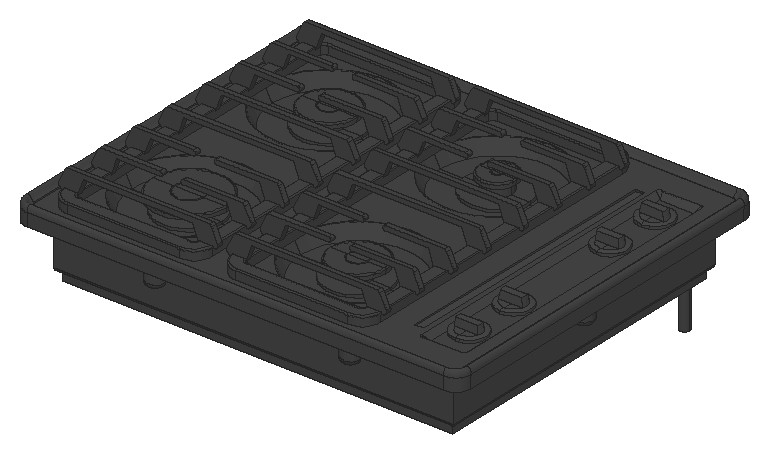
Revit family "QF_Summit_TTL033S_Cooktop", category Specialty Equipment, Revit 2020
Family settings
  Round Connector Dimension = Use Diameter
  Part Type = Normal
  Work Plane-Based = No
  Always vertical = Yes
  Cut with Voids When Loaded = No
  Shared = No
  Room Calculation Point = No
Parameters
  Weight in Pounds = 27
  Watts = 0 W
  Volts = 115 V
  URL Cutsheet = ""
  Specification by User = ""
  Specification by Manufacturer = ""
  Serial Number = ""
  Seismic Rating = ""
  SMACNA No = ""
  Revision Code = ""
  Plumbing Remarks = ""
  Plumbing Connection Type = ""
  Phase = 1
  Number of Poles = 1
  NAFEM Spec ID Number = ""
  Model = "TTL033S"
  Min Ckt Ampacity = 0 A
  Max Overcurrent Protection = 0 A
  Masterspec = ""
  Manufacturer = "Summit"
  Length = 24"
  Item Number = ""
  Installed By = ""
  Identify Quantity as Lot = yes
  Height = 4"
  HP = ""
  Gas Size = 0"
  Gas RI Height = 0"
  Gas KW = 0
  Gas Input = 12000.0 Btu/h
  Gas Connection Height = 0"
  Furnished By = ""
  Foodservice Equipment Identifier = yes
  FL Amps = 0 A
  Electrical Remarks = ""
  Elec Conn RI Height = 0"
  Elec Conn Connection Height = 0"
  Description = "Cooktop"
  Depth = 20"
  Default Elevation = 0"
  Cycle = 60 Hz
  Conn Plug = "3 Prong Cord"
  Conn Conduit = yes
  CSI MasterFormat = ""
  Apparent Power = 0 VA
Reference planes (in)
  plane 1 "BACK": y = 0
  plane 2: z = 0
  plane 3 "LEFT": x = 0
  plane 4 "RIGHT": x = 24
  plane 5 "FRONT": y = -20
  plane 6 "TOP": z = 4
  plane 7 "Center Y": x = 12
  plane 8 "Center X": y = -10
  plane 9: z = 3
  plane 10: z = 0.5
  plane 11: z = -2.5
Forms (in)
  Sweep 1, solid, material "QF_Metal_Black"
    path origin (0, 0, 3.99988) x (-1, 0, 0) y (0, -1, 0)
      loop
        line (-0.0625, 0.8125) -> (-0.0625, 19.1875)
        arc (-0.0625, 19.1875) -> (-0.28217, 19.71783) -> (-0.8125, 19.9375) r 0.75
        line (-0.8125, 19.9375) -> (-23.1875, 19.9375)
        arc (-23.1875, 19.9375) -> (-23.71783, 19.71783) -> (-23.9375, 19.1875) r 0.75
        line (-23.9375, 19.1875) -> (-23.9375, 0.8125)
        arc (-23.9375, 0.8125) -> (-23.71783, 0.28217) -> (-23.1875, 0.0625) r 0.75
        line (-23.1875, 0.0625) -> (-0.8125, 0.0625)
        arc (-0.8125, 0.0625) -> (-0.28217, 0.28217) -> (-0.0625, 0.8125) r 0.75
    profile origin (0.0625, -10, 3.99988) x (1, 0, 0) y (0, 0, 1)
      loop
        line (0.50007, -0.99988) -> (0.50007, -0.24988)
        spline (0.50007, -0.24988) -> (0.38683, -0.22526) -> (0.30986, -0.16677) -> (0.25459, -0.09746) -> (0.20654, -0.0403) -> (0.15715, -0.00897) -> (0.1083, -0.00102) -> (0.06291, -0.01235) -> (0.02367, -0.03905) -> (-0.00886, -0.07917) -> (-0.03532, -0.13183) -> (-0.05489, -0.20201) -> (-0.06266, -0.31115)
        line (-0.06266, -0.31115) -> (-0.06266, -0.99988) -> (0.50007, -0.99988)
  Extrusion 2, solid, material "QF_Metal_Black"
    sketch origin (23.1875, -0.5625, 3.49988) x (0, 1, 0) y (1, 0, 0)
      loop
        circle (-4.74127, -17.90956) r 3.49904
      loop
        line (-18.875, 0) -> (-18.875, -22.375)
        arc (-18.875, -22.375) -> (-18.80178, -22.55178) -> (-18.625, -22.625) r 0.25
        line (-18.625, -22.625) -> (-0.25, -22.625)
        arc (-0.25, -22.625) -> (-0.07322, -22.55178) -> (0, -22.375) r 0.25
        line (0, -22.375) -> (0, 0)
        arc (0, 0) -> (-0.07322, 0.17678) -> (-0.25, 0.25) r 0.25
        line (-0.25, 0.25) -> (-18.625, 0.25)
        arc (-18.625, 0.25) -> (-18.80178, 0.17678) -> (-18.875, 0) r 0.25
      loop
        circle (-4.74127, -8.85096) r 3.49904
      loop
        circle (-14.13373, -17.90956) r 3.49904
      loop
        circle (-14.13373, -8.85096) r 3.49904
    from 0.49988 to -0.25012
  Blend 3, void
    base sketch origin (23.18874, -0.56796, 3.79988) x (0, 1, 0) y (-1, 0, 0)
      loop
        arc (-1.25, 2.75) -> (-1.32322, 2.92678) -> (-1.5, 3) r 0.25
        line (-1.5, 3) -> (-17.375, 3)
        arc (-17.375, 3) -> (-17.55178, 2.92678) -> (-17.625, 2.75) r 0.25
        line (-17.625, 2.75) -> (-17.625, 0.5)
        arc (-17.625, 0.5) -> (-17.55178, 0.32322) -> (-17.375, 0.25) r 0.25
        line (-17.375, 0.25) -> (-1.5, 0.25)
        arc (-1.5, 0.25) -> (-1.32322, 0.32322) -> (-1.25, 0.5) r 0.25
        line (-1.25, 0.5) -> (-1.25, 2.75)
    top sketch origin (23.18874, -0.56796, 3.79988) x (0, 1, 0) y (-1, 0, 0)
      loop
        line (-1.71875, 2.53125) -> (-17.15625, 2.53125) -> (-17.15625, 0.71875) -> (-1.71875, 0.71875) -> (-1.71875, 2.53125)
    from 0.0625 to -0.31152
  Extrusion 4, void
    sketch origin (23.18874, -0.56796, 3.79988) x (0, 1, 0) y (-1, 0, 0)
      loop
        arc (-2, 3.5625) -> (-2.01831, 3.60669) -> (-2.0625, 3.625) r 0.0625
        line (-2.0625, 3.625) -> (-16.8125, 3.625)
        arc (-16.8125, 3.625) -> (-16.85669, 3.60669) -> (-16.875, 3.5625) r 0.0625
        line (-16.875, 3.5625) -> (-16.875, 3.1875)
        arc (-16.875, 3.1875) -> (-16.85669, 3.14331) -> (-16.8125, 3.125) r 0.0625
        line (-16.8125, 3.125) -> (-2.0625, 3.125)
        arc (-2.0625, 3.125) -> (-2.01831, 3.14331) -> (-2, 3.1875) r 0.0625
        line (-2, 3.1875) -> (-2, 3.5625)
    from 0.0625 to -0.125
  Revolve 5, solid, material "QF_Plastic_Black_Smooth"
    sketch origin (21.56528, -3, 0.48835) x (0, 1, 0) y (0, 0, 1)
      loop
        line (-0.75736, 3) -> (-0.50736, 3) -> (-0.50736, 3.07947) -> (0.15671, 3.07947) -> (0.15671, 3.2014)
        arc (0.15671, 3.2014) -> (0.03405, 3.23774) -> (-0.09329, 3.25) r 0.66737
        line (-0.09329, 3.25) -> (-0.75736, 3.25) -> (-0.75736, 3)
      axis (-0.75736, 3.25) -> (-0.75736, 3)
    angle from 0 to 360
  Blend 6, solid, material "QF_Plastic_Black_Smooth"
    base sketch origin (0, -3, 4.23835) x (-1, 0, 0) y (0, -1, 0)
      loop
        arc (-20.9318, 0.55812) -> (-20.90121, 0.75736) -> (-20.9318, 0.95659) r 0.66406
        line (-20.9318, 0.95659) -> (-22.19875, 0.95659)
        arc (-22.19875, 0.95659) -> (-22.22934, 0.75736) -> (-22.19875, 0.55812) r 0.66406
        line (-22.19875, 0.55812) -> (-20.9318, 0.55812)
    top sketch origin (0, -3, 4.23835) x (-1, 0, 0) y (0, -1, 0)
      loop
        arc (-20.98589, 0.57514) -> (-20.95791, 0.75736) -> (-20.98589, 0.93958) r 0.60736
        line (-20.98589, 0.93958) -> (-22.14466, 0.93958)
        arc (-22.14466, 0.93958) -> (-22.17264, 0.75736) -> (-22.14466, 0.57514) r 0.60736
        line (-22.14466, 0.57514) -> (-20.98589, 0.57514)
    from -0.5 to -0.05271
  Revolve 7, solid, material "QF_Plastic_Black_Smooth", not visible
    sketch origin (21.56528, -3, 0) x (0, 1, 0) y (0, 0, 1)
      loop
        line (-0.75736, 3) -> (-0.50736, 3) -> (-0.50736, 3.07947) -> (0.15671, 3.07947) -> (0.15671, 3.2014)
        arc (0.15671, 3.2014) -> (0.03405, 3.23774) -> (-0.09329, 3.25) r 0.66737
        line (-0.09329, 3.25) -> (-0.75736, 3.25) -> (-0.75736, 3)
      axis (-0.75736, 3.25) -> (-0.75736, 3)
    angle from 0 to 360
  Blend 8, solid, material "QF_Plastic_Black_Smooth", not visible
    base sketch origin (0, -3, 3.75) x (-1, 0, 0) y (0, -1, 0)
      loop
        arc (-20.9318, 0.55812) -> (-20.90121, 0.75736) -> (-20.9318, 0.95659) r 0.66406
        line (-20.9318, 0.95659) -> (-22.19875, 0.95659)
        arc (-22.19875, 0.95659) -> (-22.22934, 0.75736) -> (-22.19875, 0.55812) r 0.66406
        line (-22.19875, 0.55812) -> (-20.9318, 0.55812)
    top sketch origin (0, -3, 3.75) x (-1, 0, 0) y (0, -1, 0)
      loop
        arc (-20.98589, 0.57514) -> (-20.95791, 0.75736) -> (-20.98589, 0.93958) r 0.60736
        line (-20.98589, 0.93958) -> (-22.14466, 0.93958)
        arc (-22.14466, 0.93958) -> (-22.17264, 0.75736) -> (-22.14466, 0.57514) r 0.60736
        line (-22.14466, 0.57514) -> (-20.98589, 0.57514)
    from -0.5 to -0.05271
  Revolve 9, solid, material "QF_Plastic_Black_Smooth"
    sketch origin (21.56309, -3.00158, 0.48835) x (0, 1, 0) y (0, 0, 1)
      loop
        line (-3.75736, 3) -> (-3.50736, 3) -> (-3.50736, 3.07947) -> (-2.84329, 3.07947) -> (-2.84329, 3.2014)
        arc (-2.84329, 3.2014) -> (-2.96595, 3.23774) -> (-3.09329, 3.25) r 0.66737
        line (-3.09329, 3.25) -> (-3.75736, 3.25) -> (-3.75736, 3)
      axis (-3.75736, 3.25) -> (-3.75736, 3)
    angle from 0 to 360
  Blend 10, solid, material "QF_Plastic_Black_Smooth"
    base sketch origin (-0.00218, -3.00158, 4.23835) x (-1, 0, 0) y (0, -1, 0)
      loop
        arc (-20.9318, 3.55812) -> (-20.90121, 3.75736) -> (-20.9318, 3.95659) r 0.66406
        line (-20.9318, 3.95659) -> (-22.19875, 3.95659)
        arc (-22.19875, 3.95659) -> (-22.22934, 3.75736) -> (-22.19875, 3.55812) r 0.66406
        line (-22.19875, 3.55812) -> (-20.9318, 3.55812)
    top sketch origin (-0.00218, -3.00158, 4.23835) x (-1, 0, 0) y (0, -1, 0)
      loop
        arc (-20.98589, 3.57514) -> (-20.95791, 3.75736) -> (-20.98589, 3.93958) r 0.60736
        line (-20.98589, 3.93958) -> (-22.14466, 3.93958)
        arc (-22.14466, 3.93958) -> (-22.17264, 3.75736) -> (-22.14466, 3.57514) r 0.60736
        line (-22.14466, 3.57514) -> (-20.98589, 3.57514)
    from -0.5 to -0.05271
  Revolve 11, solid, material "QF_Plastic_Black_Smooth"
    sketch origin (21.56309, -6.00158, 0.48835) x (0, 1, 0) y (0, 0, 1)
      loop
        line (-10.24264, 3) -> (-10.24264, 3.25) -> (-10.90671, 3.25)
        arc (-10.90671, 3.25) -> (-11.03405, 3.23774) -> (-11.15671, 3.2014) r 0.66737
        line (-11.15671, 3.2014) -> (-11.15671, 3.07947) -> (-10.49264, 3.07947) -> (-10.49264, 3) -> (-10.24264, 3)
      axis (-10.24264, 3.25) -> (-10.24264, 3)
    angle from 0 to 360
  Blend 12, solid, material "QF_Plastic_Black_Smooth"
    base sketch origin (-0.00218, -6.00158, 4.23835) x (-1, 0, 0) y (0, -1, 0)
      loop
        line (-20.9318, 10.44188) -> (-22.19875, 10.44188)
        arc (-22.19875, 10.44188) -> (-22.22934, 10.24264) -> (-22.19875, 10.04341) r 0.66406
        line (-22.19875, 10.04341) -> (-20.9318, 10.04341)
        arc (-20.9318, 10.04341) -> (-20.90121, 10.24264) -> (-20.9318, 10.44188) r 0.66406
    top sketch origin (-0.00218, -6.00158, 4.23835) x (-1, 0, 0) y (0, -1, 0)
      loop
        line (-20.98589, 10.42486) -> (-22.14466, 10.42486)
        arc (-22.14466, 10.42486) -> (-22.17264, 10.24264) -> (-22.14466, 10.06042) r 0.60736
        line (-22.14466, 10.06042) -> (-20.98589, 10.06042)
        arc (-20.98589, 10.06042) -> (-20.95791, 10.24264) -> (-20.98589, 10.42486) r 0.60736
    from -0.5 to -0.05271
  Revolve 13, solid, material "QF_Plastic_Black_Smooth"
    sketch origin (21.56309, -3.00158, 0.48835) x (0, 1, 0) y (0, 0, 1)
      loop
        line (-10.24264, 3) -> (-10.24264, 3.25) -> (-10.90671, 3.25)
        arc (-10.90671, 3.25) -> (-11.03405, 3.23774) -> (-11.15671, 3.2014) r 0.66737
        line (-11.15671, 3.2014) -> (-11.15671, 3.07947) -> (-10.49264, 3.07947) -> (-10.49264, 3) -> (-10.24264, 3)
      axis (-10.24264, 3.25) -> (-10.24264, 3)
    angle from 0 to 360
  Blend 14, solid, material "QF_Plastic_Black_Smooth"
    base sketch origin (-0.00218, -3.00158, 4.23835) x (-1, 0, 0) y (0, -1, 0)
      loop
        line (-20.9318, 10.44188) -> (-22.19875, 10.44188)
        arc (-22.19875, 10.44188) -> (-22.22934, 10.24264) -> (-22.19875, 10.04341) r 0.66406
        line (-22.19875, 10.04341) -> (-20.9318, 10.04341)
        arc (-20.9318, 10.04341) -> (-20.90121, 10.24264) -> (-20.9318, 10.44188) r 0.66406
    top sketch origin (-0.00218, -3.00158, 4.23835) x (-1, 0, 0) y (0, -1, 0)
      loop
        line (-20.98589, 10.42486) -> (-22.14466, 10.42486)
        arc (-22.14466, 10.42486) -> (-22.17264, 10.24264) -> (-22.14466, 10.06042) r 0.60736
        line (-22.14466, 10.06042) -> (-20.98589, 10.06042)
        arc (-20.98589, 10.06042) -> (-20.95791, 10.24264) -> (-20.98589, 10.42486) r 0.60736
    from -0.5 to -0.05271
  Revolve 15, solid, material "QF_Plastic_Black_Smooth", not visible
    sketch origin (21.56528, -20.00316, 0) x (0, 1, 0) y (0, 0, 1)
      loop
        line (16.2458, 3) -> (16.4958, 3) -> (16.4958, 3.07947) -> (17.15986, 3.07947) -> (17.15986, 3.2014)
        arc (17.15986, 3.2014) -> (17.0372, 3.23774) -> (16.90986, 3.25) r 0.66737
        line (16.90986, 3.25) -> (16.2458, 3.25) -> (16.2458, 3)
      axis (16.2458, 3.25) -> (16.2458, 3)
    angle from 0 to 360
  Blend 16, solid, material "QF_Plastic_Black_Smooth", not visible
    base sketch origin (0, -20.00316, 3.75) x (-1, 0, 0) y (0, -1, 0)
      loop
        arc (-20.9318, -16.44503) -> (-20.90121, -16.2458) -> (-20.9318, -16.04657) r 0.66406
        line (-20.9318, -16.04657) -> (-22.19875, -16.04657)
        arc (-22.19875, -16.04657) -> (-22.22934, -16.2458) -> (-22.19875, -16.44503) r 0.66406
        line (-22.19875, -16.44503) -> (-20.9318, -16.44503)
    top sketch origin (0, -20.00316, 3.75) x (-1, 0, 0) y (0, -1, 0)
      loop
        arc (-20.98589, -16.42802) -> (-20.95791, -16.2458) -> (-20.98589, -16.06358) r 0.60736
        line (-20.98589, -16.06358) -> (-22.14466, -16.06358)
        arc (-22.14466, -16.06358) -> (-22.17264, -16.2458) -> (-22.14466, -16.42802) r 0.60736
        line (-22.14466, -16.42802) -> (-20.98589, -16.42802)
    from -0.5 to -0.05271
  Extrusion 17, solid, material "QF_Metal_Black"
    sketch origin (9.68847, 8.08075, 0) x (-1, 0, 0) y (0, 1, 0)
      loop
        circle (-12, -10) r 0.25
    from -0.5 to 2.5
  Sweep 18, solid, material "QF_Metal_Black"
    path origin (0, 0, 0) x (1, 0, 0) y (0, 1, 0)
      loop
        line (22.75, -1.25) -> (1.25, -1.25) -> (1.25, -18.75) -> (22.75, -18.75) -> (22.75, -1.25)
    profile origin (22.75, -10, 0) x (1, 0, 0) y (0, 0, 1)
      loop
        line (-0.25, 0) -> (-0.25, 0.5) -> (-0.13174, 0.5)
        arc (-0.13174, 0.5) -> (-0.03859, 0.53859) -> (0, 0.63174) r 0.13174
        line (0, 0.63174) -> (0, 3) -> (-0.125, 3) -> (-0.125, 0.625) -> (-0.375, 0.625) -> (-0.375, 0) -> (-0.25, 0)
  Extrusion 19, solid, material "QF_Metal_Black"
    sketch origin (22.375, -1.625, 0.625) x (0, -1, 0) y (1, 0, 0)
      loop
        line (0, -20.75) -> (16.75, -20.75) -> (16.75, 0) -> (0, 0) -> (0, -20.75)
    from 0 to -0.125
  Extrusion 20, solid, material "QF_Metal_Black"
    sketch origin (22.375, -1.625, 0.5) x (1, 0, 0) y (0, -1, 0)
      loop
        circle (-1.43653, 0.29425) r 0.25
    from 0 to 0.0625
  Revolve 21, solid, material "QF_Metal_Black"
    sketch origin (0, -5.30377, 0) x (1, 0, 0) y (0, 0, 1)
      loop
        line (5.27794, 3.69939) -> (5.27794, 3.94939) -> (4.77794, 3.94939) -> (4.77794, 3.88689) -> (4.71544, 3.88689) -> (4.71544, 3.94939) -> (3.84044, 3.94939)
        arc (3.84044, 3.94939) -> (3.79624, 3.93109) -> (3.77794, 3.88689) r 0.0625
        line (3.77794, 3.88689) -> (3.77794, 3.69939) -> (5.27794, 3.69939)
      axis (5.27794, 3.69939) -> (5.27794, 3.94939)
    angle from 0 to 360
  Revolve 22, solid, material "QF_Metal_Black"
    sketch origin (9.0586, -14.69623, 0) x (1, 0, 0) y (0, 0, 1)
      loop
        line (5.27794, 3.69939) -> (5.27794, 3.94939) -> (4.77794, 3.94939) -> (4.77794, 3.88689) -> (4.71544, 3.88689) -> (4.71544, 3.94939) -> (3.84044, 3.94939)
        arc (3.84044, 3.94939) -> (3.79624, 3.93109) -> (3.77794, 3.88689) r 0.0625
        line (3.77794, 3.88689) -> (3.77794, 3.69939) -> (5.27794, 3.69939)
      axis (5.27794, 3.69939) -> (5.27794, 3.94939)
    angle from 0 to 360
  Revolve 23, solid, material "QF_Metal_Black"
    sketch origin (0, -5.30377, 0) x (1, 0, 0) y (0, 0, 1)
      loop
        line (14.33654, 3.94939) -> (14.08654, 3.94939) -> (14.08654, 3.88689) -> (14.02404, 3.88689) -> (14.02404, 3.94939) -> (13.39904, 3.94939)
        arc (13.39904, 3.94939) -> (13.35484, 3.93109) -> (13.33654, 3.88689) r 0.0625
        line (13.33654, 3.88689) -> (13.33654, 3.69939) -> (14.33654, 3.69939) -> (14.33654, 3.94939)
      axis (14.33654, 3.69939) -> (14.33654, 3.94939)
    angle from 0 to 360
  Revolve 24, solid, material "QF_Metal_Black"
    sketch origin (0, -14.69623, 0) x (1, 0, 0) y (0, 0, 1)
      loop
        line (5.27794, 3.69939) -> (5.27794, 3.94939) -> (4.52794, 3.94939) -> (4.52794, 3.88689) -> (4.46544, 3.88689) -> (4.46544, 3.94939) -> (3.34044, 3.94939)
        arc (3.34044, 3.94939) -> (3.29624, 3.93109) -> (3.27794, 3.88689) r 0.0625
        line (3.27794, 3.88689) -> (3.27794, 3.69939) -> (5.27794, 3.69939)
      axis (5.27794, 3.69939) -> (5.27794, 3.94939)
    angle from 0 to 360
  Revolve 25, solid, material "QF_Metal_Black"
    sketch origin (0, -10, 0) x (1, 0, 0) y (0, 0, 1)
      loop
        line (1.25, 3) -> (0.75, 3) -> (0.75, 2)
        arc (0.75, 2) -> (0.8255, 1.83445) -> (1, 1.7829) r 0.21926
        line (1, 1.7829) -> (1.25, 1.7829) -> (1.25, 3)
      axis (1.25, 1.7829) -> (1.25, 3)
    angle from -90 to 90
  Revolve 26, solid, material "QF_Metal_Black"
    sketch origin (24, -10, 0) x (-1, 0, 0) y (0, 0, -1)
      loop
        line (1.25, -3) -> (1.25, -1.7829) -> (1, -1.7829)
        arc (1, -1.7829) -> (0.8255, -1.83445) -> (0.75, -2) r 0.21926
        line (0.75, -2) -> (0.75, -3) -> (1.25, -3)
      axis (1.25, -1.7829) -> (1.25, -3)
    angle from -90 to 90
  Revolve 27, solid, material "QF_Metal_Black"
    sketch origin (18.44698, -1.25, 0) x (-1, 0, 0) y (0, 0, -1)
      loop
        line (1.25, -3) -> (1.25, -1.7829) -> (1, -1.7829)
        arc (1, -1.7829) -> (0.8255, -1.83445) -> (0.75, -2) r 0.21926
        line (0.75, -2) -> (0.75, -3) -> (1.25, -3)
      axis (1.25, -1.7829) -> (1.25, -3)
    angle from 0 to 180
  Revolve 28, solid, material "QF_Metal_Black"
    sketch origin (7.94698, -1.25, 0) x (-1, 0, 0) y (0, 0, -1)
      loop
        line (1.25, -3) -> (1.25, -1.7829) -> (1, -1.7829)
        arc (1, -1.7829) -> (0.8255, -1.83445) -> (0.75, -2) r 0.21926
        line (0.75, -2) -> (0.75, -3) -> (1.25, -3)
      axis (1.25, -1.7829) -> (1.25, -3)
    angle from 0 to 180
  Revolve 29, solid, material "QF_Metal_Black"
    sketch origin (18.44698, -18.75, 0) x (-1, 0, 0) y (0, 0, 1)
      loop
        line (1.25, 3) -> (0.75, 3) -> (0.75, 2)
        arc (0.75, 2) -> (0.8255, 1.83445) -> (1, 1.7829) r 0.21926
        line (1, 1.7829) -> (1.25, 1.7829) -> (1.25, 3)
      axis (1.25, 1.7829) -> (1.25, 3)
    angle from 0 to 180
  Revolve 30, solid, material "QF_Metal_Black"
    sketch origin (7.94698, -18.75, 0) x (-1, 0, 0) y (0, 0, 1)
      loop
        line (1.25, 3) -> (0.75, 3) -> (0.75, 2)
        arc (0.75, 2) -> (0.8255, 1.83445) -> (1, 1.7829) r 0.21926
        line (1, 1.7829) -> (1.25, 1.7829) -> (1.25, 3)
      axis (1.25, 1.7829) -> (1.25, 3)
    angle from 0 to 180
Cuts and joins
  Blend 3, Extrusion 4 cuts Extrusion 2
Lines and regions (in)
  symbolic lines
    curve 1: arc (21.56528, -2.84329, 4.23835) -> (20.65121, -3.75736, 4.23835) -> (21.56528, -4.67142, 4.23835) r 0.91406
    curve 2: arc (21.56528, -4.67142, 4.23835) -> (22.47934, -3.75736, 4.23835) -> (21.56528, -2.84329, 4.23835) r 0.91406
    curve 3: line (20.9318, -3.55812, 4.23835) -> (22.19875, -3.55812, 4.23835)
    curve 4: line (22.19875, -3.95659, 4.23835) -> (20.9318, -3.95659, 4.23835)
    curve 5: arc (20.9318, -3.55812, 4.23835) -> (20.90121, -3.75736, 4.23835) -> (20.9318, -3.95659, 4.23835) r 0.66406
    curve 6: arc (22.19875, -3.95659, 4.23835) -> (22.22934, -3.75736, 4.23835) -> (22.19875, -3.55812, 4.23835) r 0.66406
    curve 13: arc (21.56309, -5.84487, 4.23835) -> (20.64903, -6.75893, 4.23835) -> (21.56309, -7.673, 4.23835) r 0.91406
    curve 14: arc (21.56309, -7.673, 4.23835) -> (22.47716, -6.75893, 4.23835) -> (21.56309, -5.84487, 4.23835) r 0.91406
    curve 15: line (20.92962, -6.5597, 4.23835) -> (22.19657, -6.5597, 4.23835)
    curve 16: line (22.19657, -6.95817, 4.23835) -> (20.92962, -6.95817, 4.23835)
    curve 17: arc (20.92962, -6.5597, 4.23835) -> (20.89903, -6.75893, 4.23835) -> (20.92962, -6.95817, 4.23835) r 0.66406
    curve 18: arc (22.19657, -6.95817, 4.23835) -> (22.22716, -6.75893, 4.23835) -> (22.19657, -6.5597, 4.23835) r 0.66406
    curve 19: arc (21.56309, -17.15828, 4.23835) -> (20.64903, -16.24422, 4.23835) -> (21.56309, -15.33016, 4.23835) r 0.91406
    curve 20: arc (21.56309, -15.33016, 4.23835) -> (22.47716, -16.24422, 4.23835) -> (21.56309, -17.15828, 4.23835) r 0.91406
    curve 21: line (20.92962, -16.44345, 4.23835) -> (22.19657, -16.44345, 4.23835)
    curve 22: line (22.19657, -16.04499, 4.23835) -> (20.92962, -16.04499, 4.23835)
    curve 23: arc (20.92962, -16.44345, 4.23835) -> (20.89903, -16.24422, 4.23835) -> (20.92962, -16.04499, 4.23835) r 0.66406
    curve 24: arc (22.19657, -16.04499, 4.23835) -> (22.22716, -16.24422, 4.23835) -> (22.19657, -16.44345, 4.23835) r 0.66406
    curve 25: arc (21.56309, -14.15828, 4.23835) -> (20.64903, -13.24422, 4.23835) -> (21.56309, -12.33016, 4.23835) r 0.91406
    curve 26: arc (21.56309, -12.33016, 4.23835) -> (22.47716, -13.24422, 4.23835) -> (21.56309, -14.15828, 4.23835) r 0.91406
    curve 27: line (20.92962, -13.44345, 4.23835) -> (22.19657, -13.44345, 4.23835)
    curve 28: line (22.19657, -13.04499, 4.23835) -> (20.92962, -13.04499, 4.23835)
    curve 29: arc (20.92962, -13.44345, 4.23835) -> (20.89903, -13.24422, 4.23835) -> (20.92962, -13.04499, 4.23835) r 0.66406
    curve 30: arc (22.19657, -13.04499, 4.23835) -> (22.22716, -13.24422, 4.23835) -> (22.19657, -13.44345, 4.23835) r 0.66406
    curve 37: line (0.5625, -0.8125, 0) -> (0.5625, -19.1875, 0)
    curve 38: line (23.1875, -0.5625, 0) -> (0.8125, -0.5625, 0)
    curve 39: arc (0.5625, -0.8125, 0) -> (0.63572, -0.63572, 0) -> (0.8125, -0.5625, 0) r 0.25
    curve 40: arc (23.1875, -0.5625, 0) -> (23.36428, -0.63572, 0) -> (23.4375, -0.8125, 0) r 0.25
    curve 41: line (23.4375, -19.1875, 0) -> (23.4375, -0.8125, 0)
    curve 42: line (22.46999, -2.28671, 0) -> (20.65749, -2.28671, 0)
    curve 43: line (20.65749, -2.28671, 0) -> (20.65749, -17.72421, 0)
    curve 44: line (20.65749, -17.72421, 0) -> (22.46999, -17.72421, 0)
    curve 45: line (22.46999, -17.72421, 0) -> (22.46999, -2.28671, 0)
    curve 46: line (20.50446, -1.9588, 0) -> (22.62302, -1.9588, 0)
    curve 47: arc (22.62302, -1.9588, 0) -> (22.74668, -2.01002, 0) -> (22.7979, -2.13368, 0) r 0.17489
    curve 48: line (22.7979, -2.13368, 0) -> (22.7979, -17.87723, 0)
    curve 49: arc (22.7979, -17.87723, 0) -> (22.74668, -18.0009, 0) -> (22.62302, -18.05212, 0) r 0.17489
    curve 50: line (22.62302, -18.05212, 0) -> (20.50446, -18.05212, 0)
    curve 51: arc (20.50446, -18.05212, 0) -> (20.3808, -18.0009, 0) -> (20.32958, -17.87723, 0) r 0.17489
    curve 52: line (20.32958, -17.87723, 0) -> (20.32958, -2.13368, 0)
    curve 53: arc (20.32958, -2.13368, 0) -> (20.3808, -2.01002, 0) -> (20.50446, -1.9588, 0) r 0.17489
    curve 54: line (19.56374, -17.38046, 0) -> (19.56374, -2.63046, 0)
    curve 55: arc (19.56374, -2.63046, 0) -> (19.58205, -2.58626, 0) -> (19.62624, -2.56796, 0) r 0.0625
    curve 56: line (19.62624, -2.56796, 0) -> (20.00124, -2.56796, 0)
    curve 57: arc (20.00124, -2.56796, 0) -> (20.04543, -2.58626, 0) -> (20.06374, -2.63046, 0) r 0.0625
    curve 58: line (20.06374, -2.63046, 0) -> (20.06374, -17.38046, 0)
    curve 59: arc (20.06374, -17.38046, 0) -> (20.04543, -17.42465, 0) -> (20.00124, -17.44296, 0) r 0.0625
    curve 60: line (20.00124, -17.44296, 0) -> (19.62624, -17.44296, 0)
    curve 61: arc (19.62624, -17.44296, 0) -> (19.58205, -17.42465, 0) -> (19.56374, -17.38046, 0) r 0.0625
    curve 62: line (0.8125, -19.4375, 0) -> (23.1875, -19.4375, 0)
    curve 63: arc (23.4375, -19.1875, 0) -> (23.36428, -19.36428, 0) -> (23.1875, -19.4375, 0) r 0.25
    curve 64: arc (0.8125, -19.4375, 0) -> (0.63572, -19.36428, 0) -> (0.5625, -19.1875, 0) r 0.25
    curve 65: line (-0.00016, -19.1875, 0) -> (-0.00016, -0.8125, 0)
    curve 66: arc (-0.00016, -0.8125, 0) -> (0.23786, -0.23786, 0) -> (0.8125, 0.00016, 0) r 0.81266
    curve 67: line (0.8125, 0.00016, 0) -> (23.1875, 0.00016, 0)
    curve 68: arc (23.1875, 0.00016, 0) -> (23.76214, -0.23786, 0) -> (24.00016, -0.8125, 0) r 0.81266
    curve 69: line (24.00016, -0.8125, 0) -> (24.00016, -19.1875, 0)
    curve 70: arc (24.00016, -19.1875, 0) -> (23.76214, -19.76214, 0) -> (23.1875, -20.00016, 0) r 0.81266
    curve 71: line (23.1875, -20.00016, 0) -> (0.8125, -20.00016, 0)
    curve 72: arc (0.8125, -20.00016, 0) -> (0.23786, -19.76214, 0) -> (-0.00016, -19.1875, 0) r 0.81266
    curve 73: arc (6.77794, -5.30377, 0) -> (6.66138, -5.8835, 0) -> (6.32982, -6.37314, 0) r 1.5
    curve 74: arc (3.77794, -5.30377, 0) -> (3.86331, -4.80495, 0) -> (4.1097, -4.3629, 0) r 1.5
    curve 75: arc (4.77794, -5.30377, 0) -> (5.27794, -4.80377, 0) -> (5.77794, -5.30377, 0) r 0.5
    curve 76: arc (5.77794, -5.30377, 0) -> (5.27794, -5.80377, 0) -> (4.77794, -5.30377, 0) r 0.5
    curve 77: arc (12.5875, -5.30377, 0) -> (12.65602, -4.81901, 0) -> (12.8562, -4.37224, 0) r 1.74904
    curve 78: arc (16.08557, -5.30377, 0) -> (15.99446, -5.86093, 0) -> (15.7306, -6.36005, 0) r 1.74904
    curve 79: arc (15.33654, -5.30377, 0) -> (14.33654, -6.30377, 0) -> (13.33654, -5.30377, 0) r 1
    curve 80: arc (13.33654, -5.30377, 0) -> (14.33654, -4.30377, 0) -> (15.33654, -5.30377, 0) r 1
    curve 81: arc (14.08654, -5.30377, 0) -> (14.33654, -5.05377, 0) -> (14.58654, -5.30377, 0) r 0.25
    curve 82: arc (14.58654, -5.30377, 0) -> (14.33654, -5.55377, 0) -> (14.08654, -5.30377, 0) r 0.25
    curve 83: arc (3.27794, -14.69623, 0) -> (3.35793, -14.13624, 0) -> (3.59152, -13.62105, 0) r 2
    curve 84: arc (7.27794, -14.69623, 0) -> (7.2165, -15.18811, 0) -> (7.03599, -15.64978, 0) r 2
    curve 85: arc (6.02794, -14.69623, 0) -> (5.27794, -15.44623, 0) -> (4.52794, -14.69623, 0) r 0.75
    curve 86: arc (4.52794, -14.69623, 0) -> (5.27794, -13.94623, 0) -> (6.02794, -14.69623, 0) r 0.75
    curve 87: arc (15.83654, -14.69623, 0) -> (15.75536, -15.183, 0) -> (15.5206, -15.61709, 0) r 1.5
    curve 88: arc (12.83654, -14.69623, 0) -> (12.95142, -14.12051, 0) -> (13.27847, -13.63298, 0) r 1.5
    curve 89: arc (13.83654, -14.69623, 0) -> (14.33654, -14.19623, 0) -> (14.83654, -14.69623, 0) r 0.5
    curve 90: arc (14.83654, -14.69623, 0) -> (14.33654, -15.19623, 0) -> (13.83654, -14.69623, 0) r 0.5
    curve 91: arc (6.44829, -4.36554, 0) -> (6.69313, -4.80654, 0) -> (6.77794, -5.30377, 0) r 1.5
    curve 92: arc (6.00005, -6.61851, 0) -> (5.30676, -6.80349, 0) -> (4.60688, -6.64529, 0) r 1.5
    curve 93: arc (4.34823, -4.12663, 0) -> (5.27744, -3.80377, 0) -> (6.20686, -4.12602, 0) r 1.5
    curve 94: arc (4.24744, -6.39376, 0) -> (3.9003, -5.89717, 0) -> (3.77794, -5.30377, 0) r 1.5
    curve 95: arc (13.05236, -4.11632, 0) -> (14.34458, -3.55475, 0) -> (15.63158, -4.12819, 0) r 1.74904
    curve 96: arc (15.82032, -4.37775, 0) -> (16.01795, -4.82214, 0) -> (16.08557, -5.30377, 0) r 1.74904
    curve 97: arc (15.48489, -6.62302, 0) -> (14.35976, -7.05265, 0) -> (13.22361, -6.65304, 0) r 1.74904
    curve 98: arc (12.96297, -6.38656, 0) -> (12.68403, -5.87679, 0) -> (12.5875, -5.30377, 0) r 1.74904
    curve 99: arc (15.38444, -13.62296, 0) -> (15.7189, -14.11393, 0) -> (15.83654, -14.69623, 0) r 1.5
    curve 100: arc (15.26831, -15.87172, 0) -> (14.34457, -16.1962, 0) -> (13.41741, -15.88164, 0) r 1.5
    curve 101: arc (13.17061, -15.63995, 0) -> (12.92252, -15.19678, 0) -> (12.83654, -14.69623, 0) r 1.5
    curve 102: arc (6.98346, -13.65162, 0) -> (7.20291, -14.15357, 0) -> (7.27794, -14.69623, 0) r 2
    curve 103: arc (6.89066, -15.87906, 0) -> (5.26987, -16.69621, 0) -> (3.65572, -15.86601, 0) r 2
    curve 104: arc (3.49635, -15.60505, 0) -> (3.33331, -15.16358, 0) -> (3.27794, -14.69623, 0) r 2
    curve 105: arc (3.80563, -13.3426, 0) -> (5.31089, -12.6965, 0) -> (6.79404, -13.39184, 0) r 2
    curve 106: arc (5.27794, -11.19719, 0) -> (3.34087, -11.78229, 0) -> (2.05163, -13.34191, 0) r 3.49904
    curve 107: arc (5.27794, -18.19526, 0) -> (5.59399, -18.18096, 0) -> (5.90746, -18.13817, 0) r 3.49904
    curve 108: arc (2.17718, -14.69623, 0) -> (2.22514, -14.15294, 0) -> (2.36756, -13.62646, 0) r 3.10076
    curve 109: arc (8.37869, -14.69623, 0) -> (8.34399, -15.15887, 0) -> (8.24064, -15.61115, 0) r 3.10076
    curve 110: arc (11.23578, -14.69623, 0) -> (11.28396, -14.15172, 0) -> (11.42702, -13.62413, 0) r 3.10076
    curve 111: arc (17.43729, -14.69623, 0) -> (17.40204, -15.16245, 0) -> (17.29709, -15.61807, 0) r 3.10076
    curve 112: arc (16.08557, -14.69623, 0) -> (16.01649, -15.18295, 0) -> (15.81469, -15.63122, 0) r 1.74904
    curve 113: arc (12.5875, -14.69623, 0) -> (12.68122, -14.13137, 0) -> (12.95235, -13.62704, 0) r 1.74904
    curve 114: arc (14.33654, -1.80473, 0) -> (14.03211, -1.818, 0) -> (13.73, -1.8577, 0) r 3.49904
    curve 115: arc (17.43729, -5.30377, 0) -> (17.38888, -5.8496, 0) -> (17.24513, -6.37838, 0) r 3.10076
    curve 116: arc (11.23578, -5.30377, 0) -> (11.27196, -4.83145, 0) -> (11.37967, -4.37015, 0) r 3.10076
    curve 117: arc (2.17718, -5.30377, 0) -> (2.21285, -4.83475, 0) -> (2.31907, -4.37652, 0) r 3.10076
    curve 118: arc (5.27794, -1.80473, 0) -> (4.93803, -1.82128, 0) -> (4.60134, -1.87077, 0) r 3.49904
    curve 119: arc (8.37869, -5.30377, 0) -> (8.32757, -5.86451, 0) -> (8.17588, -6.40676, 0) r 3.10076
    curve 120: arc (3.5289, -5.30377, 0) -> (3.59902, -4.8135, 0) -> (3.80375, -4.36254, 0) r 1.74904
    curve 121: arc (7.02697, -5.30377, 0) -> (6.93488, -5.86382, 0) -> (6.66831, -6.3649, 0) r 1.74904
    curve 122: arc (3.82427, -2.12098, 0) -> (2.70604, -2.9313, 0) -> (1.98841, -4.11116, 0) r 3.49904
    curve 123: arc (5.93047, -1.86612, 0) -> (5.60564, -1.82011, 0) -> (5.27794, -1.80473, 0) r 3.49904
    curve 124: arc (8.57049, -4.11957, 0) -> (7.86529, -2.94817, 0) -> (6.76501, -2.13646, 0) r 3.49904
    curve 125: arc (8.24134, -4.39111, 0) -> (8.34416, -4.8423, 0) -> (8.37869, -5.30377, 0) r 3.10076
    curve 126: arc (8.08523, -6.62052, 0) -> (5.27638, -8.40453, 0) -> (2.46932, -6.61769, 0) r 3.10076
    curve 127: arc (3.99761, -4.11217, 0) -> (5.2798, -3.55473, 0) -> (6.5608, -4.11491, 0) r 1.74904
    curve 128: arc (6.75932, -4.37391, 0) -> (6.95873, -4.81996, 0) -> (7.02697, -5.30377, 0) r 1.74904
    curve 129: arc (6.4133, -6.63421, 0) -> (5.29556, -7.05272, 0) -> (4.16961, -6.65682, 0) r 1.74904
    curve 130: arc (3.90112, -6.38243, 0) -> (3.62457, -5.87431, 0) -> (3.5289, -5.30377, 0) r 1.74904
    curve 131: arc (2.41441, -4.11426, 0) -> (5.28437, -2.20302, 0) -> (8.14637, -4.12615, 0) r 3.10076
    curve 132: arc (2.04204, -6.63503, 0) -> (2.90751, -7.87755, 0) -> (4.2169, -8.63806, 0) r 3.49904
    curve 133: arc (2.36155, -6.35706, 0) -> (2.22362, -5.83842, 0) -> (2.17718, -5.30377, 0) r 3.10076
    curve 134: arc (6.38919, -8.62166, 0) -> (7.6707, -7.8568, 0) -> (8.51692, -6.6275, 0) r 3.49904
    curve 135: arc (12.8899, -2.11778, 0) -> (11.75922, -2.93719, 0) -> (11.039, -4.13351, 0) r 3.49904
    curve 136: arc (14.98594, -1.86552, 0) -> (14.66266, -1.81996, 0) -> (14.33654, -1.80473, 0) r 3.49904
    curve 137: arc (17.62501, -4.10828, 0) -> (16.91317, -2.93644, 0) -> (15.80569, -2.12811, 0) r 3.49904
    curve 138: arc (17.29676, -4.38084, 0) -> (17.40196, -4.83698, 0) -> (17.43729, -5.30377, 0) r 3.10076
    curve 139: arc (11.47827, -4.10167, 0) -> (14.33572, -2.20301, 0) -> (17.19416, -4.10017, 0) r 3.10076
    curve 140: arc (11.10241, -6.63931, 0) -> (11.98253, -7.89257, 0) -> (13.31357, -8.64993, 0) r 3.49904
    curve 141: arc (17.14459, -6.61889, 0) -> (14.33712, -8.40453, 0) -> (11.52898, -6.61994, 0) r 3.10076
    curve 142: arc (11.42549, -6.37173, 0) -> (11.28358, -5.84611, 0) -> (11.23578, -5.30377, 0) r 3.10076
    curve 143: arc (15.4321, -8.62687, 0) -> (16.71229, -7.87263, 0) -> (17.56407, -6.65516, 0) r 3.49904
    curve 144: arc (13.23102, -11.37642, 0) -> (11.96228, -12.12598, 0) -> (11.11465, -13.33142, 0) r 3.49904
    curve 145: arc (17.56274, -13.34166, 0) -> (16.74465, -12.15767, 0) -> (15.51919, -11.40311, 0) r 3.49904
    curve 146: arc (17.24339, -13.61692, 0) -> (17.38843, -14.14793, 0) -> (17.43729, -14.69623, 0) r 3.10076
    curve 147: arc (17.19739, -15.89215, 0) -> (14.33204, -17.79698, 0) -> (11.47223, -15.88384, 0) r 3.10076
    curve 148: arc (11.38, -15.63089, 0) -> (11.27205, -15.16909, 0) -> (11.23578, -14.69623, 0) r 3.10076
    curve 149: arc (11.55318, -13.32962, 0) -> (14.35624, -11.59553, 0) -> (17.13704, -13.36511, 0) r 3.10076
    curve 150: arc (11.03871, -15.86566, 0) -> (11.76376, -17.06774, 0) -> (12.90292, -17.88809, 0) r 3.49904
    curve 151: arc (15.8035, -17.8729, 0) -> (16.8872, -17.09151, 0) -> (17.59903, -15.96089, 0) r 3.49904
    curve 152: arc (6.78733, -17.85297, 0) -> (7.85065, -17.06781, 0) -> (8.54684, -15.94423, 0) r 3.49904
    curve 153: arc (4.69103, -18.14569, 0) -> (4.98344, -18.18285, 0) -> (5.27794, -18.19526, 0) r 3.49904
    curve 154: arc (8.13822, -15.8935, 0) -> (5.27214, -17.79698, 0) -> (2.4132, -15.88281, 0) r 3.10076
    curve 155: arc (8.17474, -13.59023, 0) -> (8.32728, -14.1339, 0) -> (8.37869, -14.69623, 0) r 3.10076
    curve 156: arc (8.50017, -13.33225, 0) -> (7.21063, -11.77939, 0) -> (5.27794, -11.19719, 0) r 3.49904
    curve 157: arc (2.00679, -15.93836, 0) -> (2.73072, -17.09518, 0) -> (3.8421, -17.8871, 0) r 3.49904
    curve 158: arc (2.47364, -13.37311, 0) -> (5.27778, -11.59547, 0) -> (8.0821, -13.37283, 0) r 3.10076
    curve 159: arc (2.31178, -15.59991, 0) -> (2.21101, -15.15306, 0) -> (2.17718, -14.69623, 0) r 3.10076
    curve 160: arc (15.03423, -18.125, 0) -> (14.33654, -18.19526, 0) -> (13.63885, -18.125, 0) r 3.49904
    curve 161: arc (13.20598, -13.3617, 0) -> (14.3505, -12.94724, 0) -> (15.48826, -13.37992, 0) r 1.74904
    curve 162: arc (13.63365, -13.3711, 0) -> (14.3413, -13.19623, 0) -> (15.04782, -13.37559, 0) r 1.5
    curve 163: arc (15.7134, -13.61763, 0) -> (15.98991, -14.12572, 0) -> (16.08557, -14.69623, 0) r 1.74904
    curve 164: arc (12.84859, -15.61554, 0) -> (12.65404, -15.17406, 0) -> (12.5875, -14.69623, 0) r 1.74904
    curve 165: arc (15.62868, -15.875, 0) -> (14.33654, -16.44526, 0) -> (13.0444, -15.875, 0) r 1.74904
  symbolic lines, not visible
    curve 7: arc (21.56528, -2.84329, 3.75) -> (20.65121, -3.75736, 3.75) -> (21.56528, -4.67142, 3.75) r 0.91406
    curve 8: arc (21.56528, -4.67142, 3.75) -> (22.47934, -3.75736, 3.75) -> (21.56528, -2.84329, 3.75) r 0.91406
    curve 9: line (20.9318, -3.55812, 3.75) -> (22.19875, -3.55812, 3.75)
    curve 10: line (22.19875, -3.95659, 3.75) -> (20.9318, -3.95659, 3.75)
    curve 11: arc (20.9318, -3.55812, 3.75) -> (20.90121, -3.75736, 3.75) -> (20.9318, -3.95659, 3.75) r 0.66406
    curve 12: arc (22.19875, -3.95659, 3.75) -> (22.22934, -3.75736, 3.75) -> (22.19875, -3.55812, 3.75) r 0.66406
    curve 31: arc (21.56528, -2.84329, 3.75) -> (20.65121, -3.75736, 3.75) -> (21.56528, -4.67142, 3.75) r 0.91406
    curve 32: arc (21.56528, -4.67142, 3.75) -> (22.47934, -3.75736, 3.75) -> (21.56528, -2.84329, 3.75) r 0.91406
    curve 33: line (20.9318, -3.55812, 3.75) -> (22.19875, -3.55812, 3.75)
    curve 34: line (22.19875, -3.95659, 3.75) -> (20.9318, -3.95659, 3.75)
    curve 35: arc (20.9318, -3.55812, 3.75) -> (20.90121, -3.75736, 3.75) -> (20.9318, -3.95659, 3.75) r 0.66406
    curve 36: arc (22.19875, -3.95659, 3.75) -> (22.22934, -3.75736, 3.75) -> (22.19875, -3.55812, 3.75) r 0.66406
Dimensions and locks (in)
  equal spacing: plane 3 "LEFT", plane 7 "Center Y", plane 4 "RIGHT"
  "Length": plane 3 "LEFT" to plane 4 "RIGHT"
  equal spacing: plane 5 "FRONT", plane 8 "Center X", plane 1 "BACK"
  "Depth": plane 5 "FRONT" to plane 1 "BACK"
  "Height": plane 6 "TOP" to level
  plane 9 to level = 3"
  plane 9 to plane 10 = 2 1/2"
  plane 10 to plane 11 = 3"
  aligned and locked: level to plane 2
Automatic sketch dimensions
  Blend 6 sketch curve to Blend 6 sketch curve = 0.63347"  (x2)
  Blend 6 sketch curve to Blend 6 sketch curve = 51/256"
  Blend 6 sketch curve to Blend 6 sketch curve = 0"  (x10)
  Blend 6 sketch curve to Blend 6 sketch curve = 0.57938"  (x2)
  Blend 6 sketch curve to Blend 6 sketch curve = 0.18222"
  curve 4 to curve 1 = 0.63347"
  curve 3 to curve 1 = 51/256"
  curve 2 to curve 5 = 183/256"
  curve 3 to curve 4 = 0"
  curve 2 to curve 3 = 0.63347"
  curve 2 to curve 5 = 0"  (x4)
  curve 2 to curve 6 = 0"  (x3)
  curve 5 to curve 6 = 0"  (x3)
  curve 1 to curve 2 = 0"  (x2)
  curve 1 to curve 5 = 0"  (x2)
  curve 1 to curve 6 = 0"  (x2)
  Blend 8 sketch curve to Blend 8 sketch curve = 0.63347"  (x2)
  Blend 8 sketch curve to Blend 8 sketch curve = 51/256"
  Blend 8 sketch curve to Blend 8 sketch curve = 0"  (x10)
  Blend 8 sketch curve to Blend 8 sketch curve = 0.57938"  (x2)
  Blend 8 sketch curve to Blend 8 sketch curve = 0.18222"
  curve 10 to curve 7 = 0.63347"
  curve 9 to curve 7 = 51/256"
  curve 8 to curve 11 = 183/256"
  curve 9 to curve 10 = 0"
  curve 8 to curve 9 = 0.63347"
  curve 8 to curve 11 = 0"  (x4)
  curve 8 to curve 12 = 0"  (x3)
  curve 11 to curve 12 = 0"  (x3)
  curve 7 to curve 8 = 0"  (x2)
  curve 7 to curve 11 = 0"  (x2)
  curve 7 to curve 12 = 0"  (x2)
  Revolve 9 sketch curve to Revolve 9 sketch curve = 1/4"  (x2)
  Revolve 9 sketch curve to Revolve 9 sketch curve = 53/128"
  Revolve 9 sketch curve to Revolve 9 sketch curve = 85/128"
  Revolve 9 sketch curve to Revolve 9 sketch curve = 0"
  Revolve 9 sketch curve to Revolve 9 sketch curve = 0.12193"
  Blend 10 sketch curve to Blend 10 sketch curve = 0.63347"  (x2)
  Blend 10 sketch curve to Blend 10 sketch curve = 51/256"
  Blend 10 sketch curve to Blend 10 sketch curve = 0"  (x10)
  Blend 10 sketch curve to Blend 10 sketch curve = 0.57938"  (x2)
  Blend 10 sketch curve to Blend 10 sketch curve = 0.18222"
  Revolve 9 sketch curve to Revolve 9 sketch curve = 0.41737"
  Revolve 9 sketch curve to Revolve 9 sketch curve = 0.07947"
  Revolve 9 sketch curve to Revolve 9 sketch curve = 0.30818"
  Revolve 11 sketch curve to Revolve 11 sketch curve = 1/4"  (x2)
  Revolve 11 sketch curve to Revolve 11 sketch curve = 53/128"
  Revolve 11 sketch curve to Revolve 11 sketch curve = 85/128"
  Revolve 11 sketch curve to Revolve 11 sketch curve = 0"
  Revolve 11 sketch curve to Revolve 11 sketch curve = 0.12193"
  Blend 12 sketch curve to Blend 12 sketch curve = 0.63347"  (x2)
  Blend 12 sketch curve to Blend 12 sketch curve = 51/256"
  Blend 12 sketch curve to Blend 12 sketch curve = 0"  (x10)
  Blend 12 sketch curve to Blend 12 sketch curve = 0.57938"  (x2)
  Blend 12 sketch curve to Blend 12 sketch curve = 0.18222"
  Revolve 11 sketch curve to Revolve 11 sketch curve = 0.41737"
  Revolve 11 sketch curve to Revolve 11 sketch curve = 0.07947"
  Revolve 11 sketch curve to Revolve 11 sketch curve = 0.30818"
  Revolve 13 sketch curve to Revolve 13 sketch curve = 1/4"  (x2)
  Revolve 13 sketch curve to Revolve 13 sketch curve = 53/128"
  Revolve 13 sketch curve to Revolve 13 sketch curve = 85/128"
  Revolve 13 sketch curve to Revolve 13 sketch curve = 0"
  Revolve 13 sketch curve to Revolve 13 sketch curve = 0.12193"
  Blend 14 sketch curve to Blend 14 sketch curve = 0.63347"  (x2)
  Blend 14 sketch curve to Blend 14 sketch curve = 51/256"
  Blend 14 sketch curve to Blend 14 sketch curve = 0"  (x10)
  Blend 14 sketch curve to Blend 14 sketch curve = 0.57938"  (x2)
  Blend 14 sketch curve to Blend 14 sketch curve = 0.18222"
  Revolve 13 sketch curve to Revolve 13 sketch curve = 0.41737"
  Revolve 13 sketch curve to Revolve 13 sketch curve = 0.07947"
  Revolve 13 sketch curve to Revolve 13 sketch curve = 0.30818"
  curve 16 to curve 13 = 0.63347"
  curve 15 to curve 13 = 51/256"
  curve 14 to curve 17 = 183/256"
  curve 15 to curve 16 = 0"
  curve 14 to curve 15 = 0.63347"
  curve 14 to curve 17 = 0"  (x4)
  curve 14 to curve 18 = 0"  (x3)
  curve 17 to curve 18 = 0"  (x3)
  curve 13 to curve 14 = 0"  (x2)
  curve 13 to curve 17 = 0"  (x2)
  curve 13 to curve 18 = 0"  (x2)
  curve 22 to curve 19 = 0.63347"
  curve 19 to curve 21 = 51/256"
  curve 23 to curve 20 = 183/256"
  curve 21 to curve 22 = 0"
  curve 20 to curve 21 = 0.63347"
  curve 20 to curve 23 = 0"  (x4)
  curve 20 to curve 24 = 0"  (x3)
  curve 23 to curve 24 = 0"  (x3)
  curve 19 to curve 20 = 0"  (x2)
  curve 19 to curve 23 = 0"  (x2)
  curve 19 to curve 24 = 0"  (x2)
  curve 28 to curve 25 = 0.63347"
  curve 25 to curve 27 = 51/256"
  curve 29 to curve 26 = 183/256"
  curve 27 to curve 28 = 0"
  curve 26 to curve 27 = 0.63347"
  curve 26 to curve 29 = 0"  (x4)
  curve 26 to curve 30 = 0"  (x3)
  curve 29 to curve 30 = 0"  (x3)
  curve 25 to curve 26 = 0"  (x2)
  curve 25 to curve 29 = 0"  (x2)
  curve 25 to curve 30 = 0"  (x2)
  Revolve 15 sketch curve to Revolve 15 sketch curve = 1/4"  (x2)
  Revolve 15 sketch curve to Revolve 15 sketch curve = 53/128"
  Revolve 15 sketch curve to Revolve 15 sketch curve = 85/128"
  Revolve 15 sketch curve to Revolve 15 sketch curve = 0"
  Revolve 15 sketch curve to Revolve 15 sketch curve = 0.12193"
  Blend 16 sketch curve to Blend 16 sketch curve = 0.63347"  (x2)
  Blend 16 sketch curve to Blend 16 sketch curve = 51/256"
  Blend 16 sketch curve to Blend 16 sketch curve = 0"  (x10)
  Blend 16 sketch curve to Blend 16 sketch curve = 0.57938"  (x2)
  Blend 16 sketch curve to Blend 16 sketch curve = 0.18222"
  Revolve 15 sketch curve to Revolve 15 sketch curve = 0.41737"
  Revolve 15 sketch curve to Revolve 15 sketch curve = 0.07947"
  Revolve 15 sketch curve to Revolve 15 sketch curve = 0.30818"
  curve 34 to curve 31 = 0.63347"
  curve 33 to curve 31 = 51/256"
  curve 32 to curve 35 = 183/256"
  curve 33 to curve 34 = 0"
  curve 32 to curve 33 = 0.63347"
  curve 32 to curve 35 = 0"  (x4)
  curve 32 to curve 36 = 0"  (x3)
  curve 35 to curve 36 = 0"  (x3)
  curve 31 to curve 32 = 0"  (x2)
  curve 31 to curve 35 = 0"  (x2)
  curve 31 to curve 36 = 0"  (x2)
  Revolve 5 sketch curve to Revolve 5 sketch curve = 1/4"  (x2)
  Revolve 5 sketch curve to Revolve 5 sketch curve = 53/128"
  Revolve 5 sketch curve to Revolve 5 sketch curve = 0.41737"
  Revolve 5 sketch curve to Revolve 5 sketch curve = 0.07947"
  Revolve 5 sketch curve to Revolve 5 sketch curve = 0.12193"
  Revolve 5 sketch curve to Revolve 5 sketch curve = 0"  (x2)
  Revolve 5 sketch curve to Revolve 5 sketch curve = 0.30818"
  Revolve 7 sketch curve to Revolve 7 sketch curve = 1/4"  (x2)
  Revolve 7 sketch curve to Revolve 7 sketch curve = 53/128"
  Revolve 7 sketch curve to Revolve 7 sketch curve = 0.41737"
  Revolve 7 sketch curve to Revolve 7 sketch curve = 0.07947"
  Revolve 7 sketch curve to Revolve 7 sketch curve = 0.12193"
  Revolve 7 sketch curve to Revolve 7 sketch curve = 0"  (x2)
  Revolve 7 sketch curve to Revolve 7 sketch curve = 0.30818"
  plane 4 "RIGHT" to Sweep 1 sketch curve = 1/16"
  Sweep 1 sketch curve to Sweep 1 sketch curve = 3/4"
  Sweep 1 sketch curve to plane 5 "FRONT" = 1/16"
  plane 4 "RIGHT" to Sweep 1 sketch curve = 13/16"
  plane 3 "LEFT" to Sweep 1 sketch curve = 13/16"  (x2)
  plane 3 "LEFT" to Sweep 1 sketch curve = 1/16"
  plane 1 "BACK" to Sweep 1 sketch curve = 13/16"
  profile plane to Sweep 1 sketch curve = 0.06266"
  Sweep 1 sketch curve to profile plane = 0.50007"
  Sweep 1 sketch curve to profile plane = 0.99988"
  Sweep 1 sketch curve to profile plane = 0.31115"
  Sweep 1 sketch curve to profile plane = 0.24988"
  Extrusion 2 sketch curve to plane 5 "FRONT" = 9/16"
  Extrusion 2 sketch curve to Extrusion 2 sketch curve = 1/4"  (x3)
  Extrusion 2 sketch curve to plane 8 "Center X" = 4.69623"  (x2)
  plane 7 "Center Y" to Extrusion 2 sketch curve = 2.33654"  (x2)
  plane 8 "Center X" to Extrusion 2 sketch curve = 4.69623"  (x2)
  plane 1 "BACK" to Extrusion 2 sketch curve = 13/16"  (x2)
  plane 4 "RIGHT" to Extrusion 2 sketch curve = 13/16"
  plane 3 "LEFT" to Extrusion 2 sketch curve = 5.27794"  (x2)
  plane 3 "LEFT" to Extrusion 2 sketch curve = 13/16"
  Blend 3 sketch curve to plane 5 "FRONT" = 1.80704"
  Blend 3 sketch curve to Blend 3 sketch curve = 1/4"  (x3)
  plane 4 "RIGHT" to Blend 3 sketch curve = 1.31126"
  plane 1 "BACK" to Blend 3 sketch curve = 2.06796"  (x2)
  Blend 3 sketch curve to Blend 3 sketch curve = 2 1/4"
  Blend 3 sketch curve to plane 5 "FRONT" = 2.27579"
  plane 1 "BACK" to Blend 3 sketch curve = 2.28671"
  plane 4 "RIGHT" to Blend 3 sketch curve = 1.53001"
  Blend 3 sketch curve to Blend 3 sketch curve = 1 13/16"
  Extrusion 4 sketch curve to plane 5 "FRONT" = 2.55704"
  Extrusion 4 sketch curve to Extrusion 4 sketch curve = 1/16"  (x3)
  plane 1 "BACK" to Extrusion 4 sketch curve = 2.63046"
  Extrusion 4 sketch curve to Extrusion 4 sketch curve = 0"
  plane 4 "RIGHT" to Extrusion 4 sketch curve = 3.93626"
  Extrusion 4 sketch curve to Extrusion 4 sketch curve = 3/8"
  plane 4 "RIGHT" to Extrusion 17 sketch curve = 2.31153"
  plane 1 "BACK" to Extrusion 17 sketch curve = 1.91925"
  plane 3 "LEFT" to Sweep 18 sketch curve = 1 1/4"
  plane 4 "RIGHT" to Sweep 18 sketch curve = 1 1/4"
  Sweep 18 sketch curve to plane 5 "FRONT" = 1 1/4"
  plane 1 "BACK" to Sweep 18 sketch curve = 1 1/4"
  Sweep 18 sketch curve to level = 0"
  profile plane to Sweep 18 sketch curve = 0"
  profile plane to Sweep 18 sketch curve = 1/8"
  Sweep 18 sketch curve to Sweep 18 sketch curve = 0.00674"
  profile plane to Sweep 18 sketch curve = 1/4"
  Sweep 18 sketch curve to Sweep 18 sketch curve = 1/8"  (x2)
  level to Sweep 18 sketch curve = 1/2"
  Sweep 18 sketch curve to Sweep 18 sketch curve = 2.36826"
  Extrusion 19 sketch curve to Sweep 18 = 0"  (x4)
  Extrusion 20 sketch curve to Extrusion 20 sketch curve = 0"  (x2)
  Extrusion 19 to Extrusion 20 sketch curve = 0.29425"
  Extrusion 19 to Extrusion 20 sketch curve = 1.43653"
  Extrusion 20 sketch curve to Extrusion 20 sketch curve = 1/4"
  Revolve 21 sketch curve to plane 6 "TOP" = 0.30061"
  plane 3 "LEFT" to Revolve 21 sketch curve = 3.77794"
  Revolve 21 sketch curve to Revolve 21 sketch curve = 1/16"  (x3)
  Revolve 21 sketch curve to plane 6 "TOP" = 0.05061"  (x2)
  Revolve 21 sketch curve to Revolve 21 sketch curve = 7/8"
  Revolve 21 sketch curve to Revolve 21 sketch curve = 1/2"
  Revolve 21 sketch curve to Revolve 21 sketch curve = 0"  (x2)
  plane 6 "TOP" to Revolve 21 sketch curve = 0.08522"
  Revolve 22 sketch curve to plane 6 "TOP" = 0.30061"
  plane 7 "Center Y" to Revolve 22 sketch curve = 0.83654"
  Revolve 22 sketch curve to Revolve 22 sketch curve = 1/16"  (x3)
  Revolve 22 sketch curve to plane 6 "TOP" = 0.05061"  (x2)
  Revolve 22 sketch curve to Revolve 22 sketch curve = 7/8"
  Revolve 22 sketch curve to Revolve 22 sketch curve = 1/2"
  Revolve 22 sketch curve to Revolve 22 sketch curve = 0"  (x2)
  plane 6 "TOP" to Revolve 22 sketch curve = 0.08522"
  Revolve 23 sketch curve to plane 6 "TOP" = 0"
  Revolve 23 sketch curve to plane 6 "TOP" = 0.30061"
  plane 7 "Center Y" to Revolve 23 sketch curve = 1.33654"
  Revolve 23 sketch curve to Revolve 23 sketch curve = 1/16"  (x3)
  Revolve 23 sketch curve to plane 6 "TOP" = 0.05061"  (x2)
  Revolve 23 sketch curve to Revolve 23 sketch curve = 5/8"
  Revolve 23 sketch curve to Revolve 23 sketch curve = 1/4"
  Revolve 23 sketch curve to Revolve 23 sketch curve = 0"
  plane 6 "TOP" to Revolve 23 sketch curve = 0.66712"
  Revolve 24 sketch curve to plane 6 "TOP" = 0.30061"
  plane 3 "LEFT" to Revolve 24 sketch curve = 3.27794"
  Revolve 24 sketch curve to Revolve 24 sketch curve = 1/16"  (x3)
  Revolve 24 sketch curve to plane 6 "TOP" = 0.11311"  (x2)
  Revolve 24 sketch curve to Revolve 24 sketch curve = 1 1/8"
  Revolve 24 sketch curve to Revolve 24 sketch curve = 3/4"
  Revolve 24 sketch curve to plane 6 "TOP" = 0.05061"
  Revolve 24 sketch curve to Revolve 24 sketch curve = 0"
  plane 6 "TOP" to Revolve 24 sketch curve = 0.18845"
  Revolve 25 sketch curve to plane 9 = 0"  (x2)
  plane 3 "LEFT" to Revolve 25 sketch curve = 3/4"
  Revolve 25 sketch curve to Revolve 25 sketch curve = 0.21926"
  Revolve 25 sketch curve to Revolve 25 sketch curve = 0.03074"
  Revolve 25 sketch curve to Revolve 25 sketch curve = 1/4"
  Revolve 25 sketch curve to plane 9 = 1"
  Revolve 25 sketch curve to Revolve 25 sketch curve = 0"
  plane 9 to Revolve 25 sketch curve = 0.41303"
  Revolve 26 sketch curve to plane 9 = 0"  (x2)
  plane 4 "RIGHT" to Revolve 26 sketch curve = 3/4"
  Revolve 26 sketch curve to Revolve 26 sketch curve = 0.21926"
  Revolve 26 sketch curve to Revolve 26 sketch curve = 0.03074"
  Revolve 26 sketch curve to Revolve 26 sketch curve = 1/4"
  Revolve 26 sketch curve to plane 9 = 1"
  Revolve 26 sketch curve to Revolve 26 sketch curve = 0"
  Revolve 26 sketch curve to Revolve 26 sketch curve = 0.41303"
  Revolve 27 sketch curve to plane 9 = 0"  (x2)
  Revolve 27 sketch curve to plane 9 = 1"
  plane 7 "Center Y" to Revolve 27 sketch curve = 5.69698"
  Revolve 27 sketch curve to Revolve 27 sketch curve = 0.21926"
  Revolve 27 sketch curve to Revolve 27 sketch curve = 0.03074"
  Revolve 27 sketch curve to Revolve 27 sketch curve = 1/4"
  Revolve 27 sketch curve to Revolve 27 sketch curve = 0"
  Revolve 27 sketch curve to Revolve 27 sketch curve = 0.41303"
  Revolve 28 sketch curve to plane 9 = 0"  (x2)
  Revolve 28 sketch curve to plane 9 = 1"
  Revolve 28 sketch curve to plane 7 "Center Y" = 4.80302"
  Revolve 28 sketch curve to Revolve 28 sketch curve = 0.21926"
  Revolve 28 sketch curve to Revolve 28 sketch curve = 0.03074"
  Revolve 28 sketch curve to Revolve 28 sketch curve = 1/4"
  Revolve 28 sketch curve to Revolve 28 sketch curve = 0"
  Revolve 28 sketch curve to Revolve 28 sketch curve = 0.41303"
  Revolve 29 sketch curve to plane 9 = 0"  (x2)
  Revolve 29 sketch curve to plane 9 = 1"
  plane 7 "Center Y" to Revolve 29 sketch curve = 5.69698"
  Revolve 29 sketch curve to Revolve 29 sketch curve = 0.21926"
  Revolve 29 sketch curve to Revolve 29 sketch curve = 0.03074"
  Revolve 29 sketch curve to Revolve 29 sketch curve = 1/4"
  Revolve 29 sketch curve to Revolve 29 sketch curve = 0"
  plane 9 to Revolve 29 sketch curve = 0.41303"
  Revolve 30 sketch curve to plane 9 = 0"  (x2)
  Revolve 30 sketch curve to plane 9 = 1"
  Revolve 30 sketch curve to plane 7 "Center Y" = 4.80302"
  Revolve 30 sketch curve to Revolve 30 sketch curve = 0.21926"
  Revolve 30 sketch curve to Revolve 30 sketch curve = 0.03074"
  Revolve 30 sketch curve to Revolve 30 sketch curve = 1/4"
  Revolve 30 sketch curve to Revolve 30 sketch curve = 0"
  plane 9 to Revolve 30 sketch curve = 0.41303"
  curve 39 to curve 66 = 0"  (x2)
  curve 40 to curve 68 = 0"  (x2)
  curve 63 to curve 70 = 0"  (x2)
  curve 64 to curve 72 = 0"  (x2)
  curve 73 to curve 74 = 0"  (x2)
  curve 73 to curve 75 = 0"  (x2)
  curve 73 to curve 76 = 0"  (x2)
  curve 73 to curve 91 = 0"  (x2)
  curve 73 to curve 92 = 0"  (x2)
  curve 73 to curve 93 = 0"  (x2)
  curve 73 to curve 94 = 0"  (x2)
  curve 73 to curve 117 = 0"  (x2)
  curve 73 to curve 118 = 0"  (x2)
  curve 73 to curve 119 = 0"  (x2)
  curve 73 to curve 120 = 0"  (x2)
  curve 73 to curve 121 = 0"  (x2)
  curve 73 to curve 122 = 0"  (x2)
  curve 73 to curve 123 = 0"  (x2)
  curve 73 to curve 124 = 0"  (x2)
  curve 73 to curve 125 = 0"  (x2)
  curve 73 to curve 126 = 0"  (x2)
  curve 73 to curve 127 = 0"  (x2)
  curve 73 to curve 128 = 0"  (x2)
  curve 73 to curve 129 = 0"  (x2)
  curve 73 to curve 130 = 0"  (x2)
  curve 73 to curve 131 = 0"  (x2)
  curve 73 to curve 132 = 0"  (x2)
  curve 73 to curve 133 = 0"  (x2)
  curve 73 to curve 134 = 0"  (x2)
  curve 74 to curve 75 = 0"  (x2)
  curve 74 to curve 76 = 0"  (x2)
  curve 74 to curve 91 = 0"  (x2)
  curve 74 to curve 92 = 0"  (x2)
  curve 74 to curve 93 = 0"  (x2)
  curve 74 to curve 94 = 0"  (x2)
  curve 74 to curve 117 = 0"  (x2)
  curve 74 to curve 118 = 0"  (x2)
  curve 74 to curve 119 = 0"  (x2)
  curve 74 to curve 120 = 0"  (x2)
  curve 74 to curve 121 = 0"  (x2)
  curve 74 to curve 122 = 0"  (x2)
  curve 74 to curve 123 = 0"  (x2)
  curve 74 to curve 124 = 0"  (x2)
  curve 74 to curve 125 = 0"  (x2)
  curve 74 to curve 126 = 0"  (x2)
  curve 74 to curve 127 = 0"  (x2)
  curve 74 to curve 128 = 0"  (x2)
  curve 74 to curve 129 = 0"  (x2)
  curve 74 to curve 130 = 0"  (x2)
  curve 74 to curve 131 = 0"  (x2)
  curve 74 to curve 132 = 0"  (x2)
  curve 74 to curve 133 = 0"  (x2)
  curve 74 to curve 134 = 0"  (x2)
  curve 75 to curve 76 = 0"  (x2)
  curve 75 to curve 91 = 0"  (x2)
  curve 75 to curve 92 = 0"  (x2)
  curve 75 to curve 93 = 0"  (x2)
  curve 75 to curve 94 = 0"  (x2)
  curve 75 to curve 117 = 0"  (x2)
  curve 75 to curve 118 = 0"  (x2)
